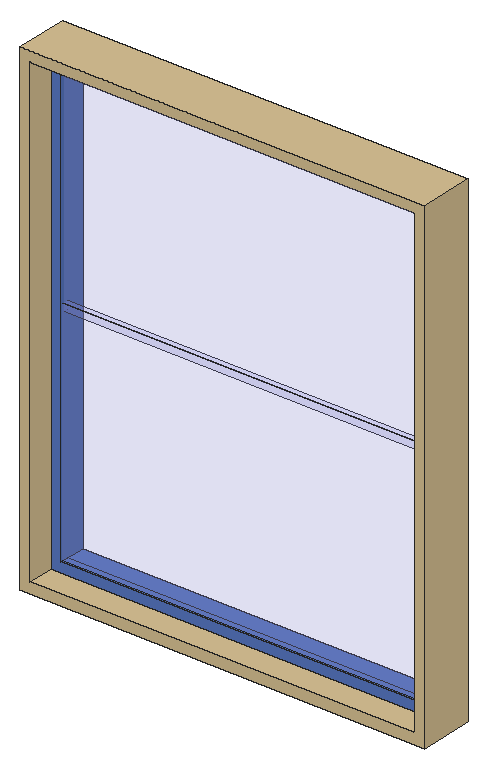
Revit family
Parameters (values of type "1000 x 1200")
  Within Wall = 40.2 mm
  Sash Width = 25 mm
  Sash Depth = 26.5 mm
  Operation = "UserDefined"
  Keynote = "45-23-035"
  Height = 1200 mm
  Glass Offset = 19 mm
  Frame Thickness = 25 mm
  Frame Depth [instance] = 91.2 mm
  Default Sill Height = 800 mm
  Wall Closure = (empty or 0)
  Width = 1000 mm
Types (5, lengths in mm): name | Keynote | Height | Width
  (no name) | "45-23-035" | 1200 | 1000
  1000 x 1200 | "45-23-035" | 1200 | 1000
  1200 x 1200 | "45-23-036" | 1200 | 1200
  800 x 1600 | "45-23-034" | 1600 | 800
  600 x 1600 | "45-23-032" | 1600 | 600
Reference planes
  plane 1: y = 0.5
  plane 2 "Center": x = 0
  plane 3 "Left": x = -500
  plane 4 "Right": x = 500
  plane 5 "Sill": z = 800
  plane 6 "Head": z = 2000
  plane 7: z = 1950
  plane 8: z = 850
  plane 9: x = -450
  plane 10: x = 450
  plane 11: z = 825
  plane 12: z = 850
  plane 13: z = 1400
  plane 14 "WithinWall": y = 14.601
  plane 15: y = -76.599
  plane 16: y = -11.899
  plane 17: y = -4.399
  plane 18: x = -475
  plane 19: x = 475
Forms (mm)
  Extrusion 1, solid
    sketch origin (0, 41, 0) x (0, 0, -1) y (1, 0, 0)
      loop
        line (-2000, -500) -> (-800, -500) -> (-800, 500) -> (-2000, 500) -> (-2000, -500)
      loop
        line (-1975, -475) -> (-825, -475) -> (-825, 475) -> (-1975, 475) -> (-1975, -475)
    from -14 to 117.599
  Extrusion 2, solid
    sketch origin (80, -12.597, 0) x (0, 0, -1) y (1, 0, 0)
      loop
        line (-1420, 370) -> (-1420, -530) -> (-850, -530) -> (-850, 370) -> (-1420, 370)
    from -4.401 to -19.601
  Extrusion 3, solid
    sketch origin (5, 20.8, 0) x (0, 0, -1) y (1, 0, 0)
      loop
        line (-1950, 445) -> (-1950, -455) -> (-1400, -455) -> (-1400, 445) -> (-1950, 445)
    from 0 to 25.199
  Sweep 4, solid
    path in 3D
      loop
        line (475, 55, 825) -> (475, 55, 1975) -> (-475, 55, 1975) -> (-475, 55, 825) -> (475, 55, 825)
    profile origin (0, 55, 825) x (0, 1, 0) y (0, 0, 1)
      loop
        line (0, 0) -> (0, 25) -> (-66.899, 25) -> (-66.899, 0) -> (0, 0)
Lines and regions (mm)
  Opening 1
    outline origin (-5000, -95.199, 0) x (1, 0, 0) y (0, 0, 1)
      loop
        line (5500, 800) -> (5500, 2000) -> (4500, 2000) -> (4500, 800) -> (5500, 800)
  sketch lines
    curve 1: line (-475, 55, 825) -> (475, 55, 825)
    curve 2: line (-475, 55, 1975) -> (-475, 55, 825)
    curve 3: line (475, 55, 1975) -> (-475, 55, 1975)
    curve 4: line (475, 55, 825) -> (475, 55, 1975)
Text (mm)
  text "EXTERIOR" at (-1538.236, 601.043, 0), in view "Ref. Level"
  text "INTERIOR" at (-1484.309, -818.386, 0), in view "Ref. Level"
  text "Exterior" at (0, 923.751, 4164.757), in view "Right"
  text "Exterior" at (0, 2113.942, 4068.519), in view "Left"
Dimensions and locks
  equal spacing: plane 3 "Left", plane 2 "Center", plane 4 "Right"
  "Width": plane 3 "Left" to plane 4 "Right"
  "Height": plane 5 "Sill" to plane 6 "Head"
  "Default Sill Height": plane 5 "Sill" to level
  locked: plane 3 "Left" to plane 9 at 50
  locked: plane 10 to plane 4 "Right" at 50
  locked: plane 8 to plane 5 "Sill" at 50
  locked: plane 6 "Head" to plane 7 at 50
  locked: plane 5 "Sill" to plane 11 at 25
  locked: plane 4 "Right" to Extrusion 1 sketch curve at 25
  locked: plane 3 "Left" to Extrusion 1 sketch curve at 25
  locked: Extrusion 1 sketch curve to plane 5 "Sill" at 25
  locked: Extrusion 1 sketch curve to plane 6 "Head" at 25
  equal spacing: plane 5 "Sill", plane 13, plane 6 "Head"
  Extrusion 2 to Extrusion 2 = 15.2 mm
  Extrusion 3 to Extrusion 3 = 25.199 mm
  "Within Wall": plane 14 "WithinWall" to host wall
  "Frame Depth": plane 15 to plane 14 "WithinWall"
  "Sash Depth": plane 16 to plane 14 "WithinWall"
  "Frame Thickness": plane 3 "Left" to plane 18
  "Sash Width": plane 10 to plane 19
  locked: Extrusion 2 to plane 17 at 3.797
  "Glass Offset": plane 17 to plane 14 "WithinWall"
  aligned and locked: plane 12 to plane 8
  aligned and locked: Extrusion 1 to plane 18
  aligned and locked: plane 9 to Extrusion 3
  aligned and locked: plane 19 to Extrusion 1
  aligned and locked: Extrusion 3 to plane 10
  aligned and locked: Extrusion 3 to plane 7
  aligned and locked: Extrusion 1 to Sweep 4 sketch curve
  aligned and locked: Sweep 4 sketch curve to Extrusion 1  (x2)
  aligned and locked: Sweep 4 sketch curve to plane 16
  aligned and locked: Extrusion 3 to plane 17
  aligned and locked: plane 15 to Extrusion 1
Automatic sketch dimensions
  Extrusion 1 sketch curve to plane 4 "Right" = 0 mm
  Extrusion 1 sketch curve to plane 6 "Head" = 0 mm
  Extrusion 1 sketch curve to plane 5 "Sill" = 0 mm
  Extrusion 1 sketch curve to plane 3 "Left" = 0 mm
  Opening 1 sketch curve to plane 3 "Left" = 0 mm
  Opening 1 sketch curve to plane 4 "Right" = 0 mm
  Opening 1 sketch curve to plane 5 "Sill" = 0 mm
  Opening 1 sketch curve to plane 6 "Head" = 0 mm
  Extrusion 3 sketch curve to plane 13 = 0 mm
  plane 7 to Extrusion 3 sketch curve = 0 mm
  Extrusion 3 sketch curve to plane 9 = 0 mm
  plane 10 to Extrusion 3 sketch curve = 0 mm
  Extrusion 2 sketch curve to plane 13 = 20 mm
  Extrusion 2 sketch curve to plane 8 = 0 mm
  Extrusion 2 sketch curve to plane 9 = 0 mm
  Extrusion 2 sketch curve to plane 10 = 0 mm
  profile plane to Sweep 4 sketch curve = 25 mm
